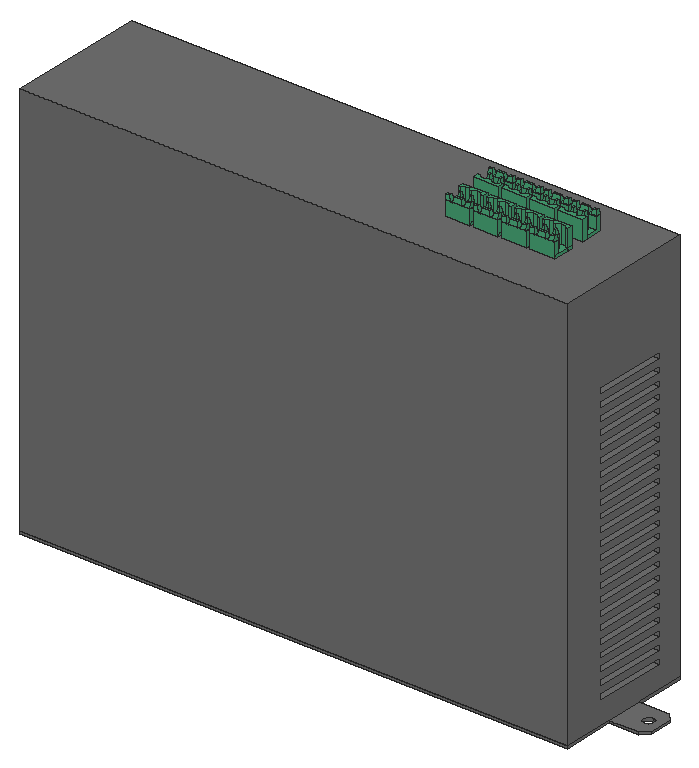
Revit family "БП24 12В 24В_RV17_LOD400 (05.10.23)", category Электрооборудование, Revit 2017 (continued)
Automatic sketch dimensions
  Blend 63 sketch curve to plane 10 "2" = 29.091 mm
  Blend 63 sketch curve to Blend 63 sketch curve = 2.035 mm
  plane 1 "По центру (Вперед/Назад)" to Blend 63 sketch curve = 6.821 mm
  Blend 63 sketch curve to Blend 63 sketch curve = 1.603 mm
  Blend 63 sketch curve to plane 10 "2" = 29.454 mm
  Blend 63 sketch curve to Blend 63 sketch curve = 1.672 mm
  plane 1 "По центру (Вперед/Назад)" to Blend 63 sketch curve = 7.207 mm
  Blend 63 sketch curve to Blend 63 sketch curve = 0.839 mm
  Blend 64 sketch curve to plane 10 "2" = 21.217 mm  (x2)
  Blend 64 sketch curve to Blend 64 sketch curve = 2.035 mm
  plane 1 "По центру (Вперед/Назад)" to Blend 64 sketch curve = 6.821 mm
  Blend 64 sketch curve to Blend 64 sketch curve = 1.603 mm
  Blend 64 sketch curve to Blend 64 sketch curve = 1.672 mm
  plane 1 "По центру (Вперед/Назад)" to Blend 64 sketch curve = 7.207 mm
  Blend 64 sketch curve to Blend 64 sketch curve = 0.839 mm
  Extrusion 65 sketch curve to plane 10 "2" = 32.383 mm
  Extrusion 65 sketch curve to Extrusion 65 sketch curve = 0.875 mm  (x2)
  Extrusion 65 sketch curve to Extrusion 65 sketch curve = 0.964 mm  (x6)
  Extrusion 65 sketch curve to Extrusion 65 sketch curve = 1.76 mm  (x2)
  Extrusion 65 sketch curve to plane 1 "По центру (Вперед/Назад)" = 7.806 mm
  Extrusion 65 sketch curve to Extrusion 65 sketch curve = 1.839 mm
  Extrusion 65 sketch curve to Extrusion 65 sketch curve = 0 mm  (x2)
  Extrusion 65 sketch curve to Extrusion 65 sketch curve = 1.982 mm
  Extrusion 66 sketch curve to plane 1 "По центру (Вперед/Назад)" = 12.821 mm
  Extrusion 66 sketch curve to plane 10 "2" = 32.383 mm
  Extrusion 66 sketch curve to Extrusion 66 sketch curve = 2.174 mm  (x2)
  Extrusion 66 sketch curve to Extrusion 66 sketch curve = 1.208 mm  (x2)
  Extrusion 66 sketch curve to Extrusion 66 sketch curve = 3.236 mm
  Extrusion 66 sketch curve to Extrusion 66 sketch curve = 1.603 mm
  Extrusion 66 sketch curve to Extrusion 66 sketch curve = 1.772 mm  (x2)
  Extrusion 66 sketch curve to Extrusion 66 sketch curve = 1.371 mm  (x2)
  Extrusion 67 sketch curve to plane 1 "По центру (Вперед/Назад)" = 14.424 mm
  Extrusion 67 sketch curve to plane 10 "2" = 32.383 mm
  Extrusion 67 sketch curve to Extrusion 67 sketch curve = 10 mm
  Extrusion 67 sketch curve to Extrusion 67 sketch curve = 8.6 mm
  Blend 68 sketch curve to plane 1 "По центру (Вперед/Назад)" = 11.049 mm
  Blend 68 sketch curve to plane 10 "2" = 34.557 mm
  Blend 68 sketch curve to Blend 68 sketch curve = 1.208 mm
  Blend 68 sketch curve to Blend 68 sketch curve = 1.371 mm
  Blend 68 sketch curve to plane 1 "По центру (Вперед/Назад)" = 10.764 mm
  Blend 68 sketch curve to plane 10 "2" = 34.789 mm
  Blend 68 sketch curve to Blend 68 sketch curve = 0.786 mm
  Blend 68 sketch curve to Blend 68 sketch curve = 0.804 mm
  Blend 69 sketch curve to plane 1 "По центру (Вперед/Назад)" = 11.049 mm
  Blend 69 sketch curve to plane 10 "2" = 39.001 mm
  Blend 69 sketch curve to Blend 69 sketch curve = 1.208 mm
  Blend 69 sketch curve to Blend 69 sketch curve = 1.371 mm
  Blend 69 sketch curve to plane 1 "По центру (Вперед/Назад)" = 10.764 mm
  Blend 69 sketch curve to plane 10 "2" = 39.233 mm
  Blend 69 sketch curve to Blend 69 sketch curve = 0.786 mm
  Blend 69 sketch curve to Blend 69 sketch curve = 0.804 mm
  Blend 70 sketch curve to plane 1 "По центру (Вперед/Назад)" = 14.424 mm
  Blend 70 sketch curve to plane 10 "2" = 35.638 mm
  Blend 70 sketch curve to Blend 70 sketch curve = 3.581 mm
  Blend 70 sketch curve to Blend 70 sketch curve = 1.603 mm
  Blend 70 sketch curve to plane 1 "По центру (Вперед/Назад)" = 14.04 mm
  Blend 70 sketch curve to plane 10 "2" = 36.069 mm
  Blend 70 sketch curve to Blend 70 sketch curve = 2.818 mm
  Blend 70 sketch curve to Blend 70 sketch curve = 0.782 mm
  Blend 71 sketch curve to plane 1 "По центру (Вперед/Назад)" = 14.424 mm
  Blend 71 sketch curve to plane 10 "2" = 40.348 mm
  Blend 71 sketch curve to Blend 71 sketch curve = 2.035 mm
  Blend 71 sketch curve to Blend 71 sketch curve = 1.603 mm
  Blend 71 sketch curve to plane 1 "По центру (Вперед/Назад)" = 14.046 mm
  Blend 71 sketch curve to plane 10 "2" = 40.711 mm
  Blend 71 sketch curve to Blend 71 sketch curve = 1.672 mm
  Blend 71 sketch curve to Blend 71 sketch curve = 0.839 mm
  Blend 72 sketch curve to plane 1 "По центру (Вперед/Назад)" = 14.424 mm
  Blend 72 sketch curve to plane 10 "2" = 34.51 mm
  Blend 72 sketch curve to Blend 72 sketch curve = 2.035 mm
  Blend 72 sketch curve to Blend 72 sketch curve = 1.603 mm
  Blend 72 sketch curve to plane 1 "По центру (Вперед/Назад)" = 14.046 mm
  Blend 72 sketch curve to plane 10 "2" = 34.146 mm
  Blend 72 sketch curve to Blend 72 sketch curve = 1.672 mm
  Blend 72 sketch curve to Blend 72 sketch curve = 0.839 mm
  Extrusion 73 sketch curve to plane 10 "2" = 32.383 mm
  Extrusion 73 sketch curve to Extrusion 73 sketch curve = 0.875 mm  (x2)
  Extrusion 73 sketch curve to Extrusion 73 sketch curve = 0.964 mm  (x7)
  Extrusion 73 sketch curve to Extrusion 73 sketch curve = 1.76 mm  (x2)
  Extrusion 73 sketch curve to Extrusion 73 sketch curve = 1.839 mm
  Extrusion 73 sketch curve to plane 1 "По центру (Вперед/Назад)" = 0.176 mm
  Extrusion 73 sketch curve to Extrusion 73 sketch curve = 1.018 mm  (x2)
  Extrusion 74 sketch curve to plane 10 "2" = 32.383 mm
  Extrusion 74 sketch curve to Extrusion 74 sketch curve = 2.174 mm  (x2)
  Extrusion 74 sketch curve to Extrusion 74 sketch curve = 1.208 mm  (x2)
  Extrusion 74 sketch curve to Extrusion 74 sketch curve = 3.236 mm
  plane 1 "По центру (Вперед/Назад)" to Extrusion 74 sketch curve = 3.678 mm
  Extrusion 74 sketch curve to Extrusion 74 sketch curve = 0 mm
  Extrusion 74 sketch curve to Extrusion 74 sketch curve = 1.371 mm  (x2)
  Extrusion 74 sketch curve to Extrusion 74 sketch curve = 1.772 mm
  Extrusion 74 sketch curve to Extrusion 74 sketch curve = 1.603 mm
  Extrusion 75 sketch curve to plane 10 "2" = 32.383 mm
  Extrusion 75 sketch curve to Extrusion 75 sketch curve = 10 mm
  Extrusion 75 sketch curve to plane 1 "По центру (Вперед/Назад)" = 0.176 mm
  Extrusion 75 sketch curve to Extrusion 75 sketch curve = 8.6 mm
  Blend 76 sketch curve to plane 10 "2" = 34.557 mm
  Blend 76 sketch curve to Blend 76 sketch curve = 1.208 mm
  plane 1 "По центру (Вперед/Назад)" to Blend 76 sketch curve = 3.678 mm
  Blend 76 sketch curve to Blend 76 sketch curve = 1.371 mm
  Blend 76 sketch curve to plane 10 "2" = 34.789 mm
  Blend 76 sketch curve to Blend 76 sketch curve = 0.786 mm
  plane 1 "По центру (Вперед/Назад)" to Blend 76 sketch curve = 3.961 mm
  Blend 76 sketch curve to Blend 76 sketch curve = 0.804 mm
  Blend 77 sketch curve to plane 10 "2" = 39.001 mm
  Blend 77 sketch curve to Blend 77 sketch curve = 1.208 mm
  plane 1 "По центру (Вперед/Назад)" to Blend 77 sketch curve = 3.678 mm
  Blend 77 sketch curve to Blend 77 sketch curve = 1.371 mm
  Blend 77 sketch curve to plane 10 "2" = 39.233 mm
  Blend 77 sketch curve to Blend 77 sketch curve = 0.786 mm
  plane 1 "По центру (Вперед/Назад)" to Blend 77 sketch curve = 3.961 mm
  Blend 77 sketch curve to Blend 77 sketch curve = 0.804 mm
  Blend 78 sketch curve to plane 10 "2" = 35.638 mm
  Blend 78 sketch curve to Blend 78 sketch curve = 3.581 mm
  plane 1 "По центру (Вперед/Назад)" to Blend 78 sketch curve = 6.821 mm
  Blend 78 sketch curve to Blend 78 sketch curve = 1.603 mm
  Blend 78 sketch curve to plane 10 "2" = 36.069 mm
  Blend 78 sketch curve to Blend 78 sketch curve = 2.818 mm
  plane 1 "По центру (Вперед/Назад)" to Blend 78 sketch curve = 7.258 mm
  Blend 78 sketch curve to Blend 78 sketch curve = 0.782 mm
  Blend 79 sketch curve to plane 10 "2" = 40.348 mm
  Blend 79 sketch curve to Blend 79 sketch curve = 2.035 mm
  plane 1 "По центру (Вперед/Назад)" to Blend 79 sketch curve = 6.821 mm
  Blend 79 sketch curve to Blend 79 sketch curve = 1.603 mm
  Blend 79 sketch curve to plane 10 "2" = 40.711 mm
  Blend 79 sketch curve to Blend 79 sketch curve = 1.672 mm
  plane 1 "По центру (Вперед/Назад)" to Blend 79 sketch curve = 7.207 mm
  Blend 79 sketch curve to Blend 79 sketch curve = 0.839 mm
  Blend 80 sketch curve to plane 10 "2" = 34.51 mm
  Blend 80 sketch curve to Blend 80 sketch curve = 2.035 mm
  plane 1 "По центру (Вперед/Назад)" to Blend 80 sketch curve = 8.424 mm
  Blend 80 sketch curve to Blend 80 sketch curve = 1.603 mm
  Blend 80 sketch curve to plane 10 "2" = 34.146 mm
  Blend 80 sketch curve to Blend 80 sketch curve = 1.672 mm
  plane 1 "По центру (Вперед/Назад)" to Blend 80 sketch curve = 8.046 mm
  Blend 80 sketch curve to Blend 80 sketch curve = 0.839 mm
  Extrusion 81 sketch curve to plane 10 "2" = 43.64 mm
  Extrusion 81 sketch curve to plane 1 "По центру (Вперед/Назад)" = 7.806 mm  (x3)
  Extrusion 81 sketch curve to Extrusion 81 sketch curve = 0.875 mm  (x2)
  Extrusion 81 sketch curve to Extrusion 81 sketch curve = 0.964 mm  (x5)
  Extrusion 81 sketch curve to Extrusion 81 sketch curve = 1.76 mm  (x2)
  Extrusion 81 sketch curve to plane 1 "По центру (Вперед/Назад)" = 6.842 mm
  Extrusion 81 sketch curve to Extrusion 81 sketch curve = 1.839 mm
  Extrusion 81 sketch curve to Extrusion 81 sketch curve = 1.982 mm
  Extrusion 82 sketch curve to plane 1 "По центру (Вперед/Назад)" = 12.821 mm
  Extrusion 82 sketch curve to plane 10 "2" = 43.64 mm
  Extrusion 82 sketch curve to Extrusion 82 sketch curve = 2.174 mm  (x2)
  Extrusion 82 sketch curve to Extrusion 82 sketch curve = 1.208 mm  (x2)
  Extrusion 82 sketch curve to Extrusion 82 sketch curve = 3.236 mm
  Extrusion 82 sketch curve to Extrusion 82 sketch curve = 1.603 mm
  Extrusion 82 sketch curve to Extrusion 82 sketch curve = 1.772 mm  (x2)
  Extrusion 82 sketch curve to Extrusion 82 sketch curve = 1.371 mm  (x2)
  Extrusion 83 sketch curve to plane 1 "По центру (Вперед/Назад)" = 14.424 mm
  Extrusion 83 sketch curve to plane 10 "2" = 43.64 mm
  Extrusion 83 sketch curve to Extrusion 83 sketch curve = 10 mm
  Extrusion 83 sketch curve to Extrusion 83 sketch curve = 8.6 mm
  Blend 84 sketch curve to plane 1 "По центру (Вперед/Назад)" = 11.049 mm
  Blend 84 sketch curve to plane 10 "2" = 45.814 mm
  Blend 84 sketch curve to Blend 84 sketch curve = 1.208 mm
  Blend 84 sketch curve to Blend 84 sketch curve = 1.371 mm
  Blend 84 sketch curve to plane 1 "По центру (Вперед/Назад)" = 10.764 mm
  Blend 84 sketch curve to plane 10 "2" = 46.046 mm
  Blend 84 sketch curve to Blend 84 sketch curve = 0.786 mm
  Blend 84 sketch curve to Blend 84 sketch curve = 0.804 mm
  Blend 85 sketch curve to plane 1 "По центру (Вперед/Назад)" = 11.049 mm
  Blend 85 sketch curve to plane 10 "2" = 50.258 mm
  Blend 85 sketch curve to Blend 85 sketch curve = 1.208 mm
  Blend 85 sketch curve to Blend 85 sketch curve = 1.371 mm
  Blend 85 sketch curve to plane 1 "По центру (Вперед/Назад)" = 10.764 mm
  Blend 85 sketch curve to plane 10 "2" = 50.49 mm
  Blend 85 sketch curve to Blend 85 sketch curve = 0.786 mm
  Blend 85 sketch curve to Blend 85 sketch curve = 0.804 mm
  Blend 86 sketch curve to plane 1 "По центру (Вперед/Назад)" = 14.424 mm
  Blend 86 sketch curve to plane 10 "2" = 46.895 mm
  Blend 86 sketch curve to Blend 86 sketch curve = 3.581 mm
  Blend 86 sketch curve to Blend 86 sketch curve = 1.603 mm
  Blend 86 sketch curve to plane 1 "По центру (Вперед/Назад)" = 14.04 mm
  Blend 86 sketch curve to plane 10 "2" = 47.326 mm
  Blend 86 sketch curve to Blend 86 sketch curve = 2.818 mm
  Blend 86 sketch curve to Blend 86 sketch curve = 0.782 mm
  Blend 87 sketch curve to plane 1 "По центру (Вперед/Назад)" = 14.424 mm
  Blend 87 sketch curve to plane 10 "2" = 51.605 mm
  Blend 87 sketch curve to Blend 87 sketch curve = 2.035 mm
  Blend 87 sketch curve to Blend 87 sketch curve = 1.603 mm
  Blend 87 sketch curve to plane 1 "По центру (Вперед/Назад)" = 14.046 mm
  Blend 87 sketch curve to plane 10 "2" = 51.968 mm
  Blend 87 sketch curve to Blend 87 sketch curve = 1.672 mm
  Blend 87 sketch curve to Blend 87 sketch curve = 0.839 mm
  Blend 88 sketch curve to plane 1 "По центру (Вперед/Назад)" = 12.821 mm
  Blend 88 sketch curve to plane 10 "2" = 43.732 mm  (x2)
  Blend 88 sketch curve to Blend 88 sketch curve = 2.035 mm
  Blend 88 sketch curve to Blend 88 sketch curve = 1.603 mm
  Blend 88 sketch curve to plane 1 "По центру (Вперед/Назад)" = 13.207 mm
  Blend 88 sketch curve to Blend 88 sketch curve = 1.672 mm
  Blend 88 sketch curve to Blend 88 sketch curve = 0.839 mm
  Extrusion 89 sketch curve to plane 10 "2" = 43.64 mm
  Extrusion 89 sketch curve to Extrusion 89 sketch curve = 0.875 mm  (x2)
  Extrusion 89 sketch curve to Extrusion 89 sketch curve = 0.964 mm  (x7)
  Extrusion 89 sketch curve to Extrusion 89 sketch curve = 1.76 mm  (x2)
  Extrusion 89 sketch curve to Extrusion 89 sketch curve = 1.839 mm
  Extrusion 89 sketch curve to plane 1 "По центру (Вперед/Назад)" = 0.176 mm
  Extrusion 89 sketch curve to Extrusion 89 sketch curve = 1.018 mm  (x2)
  Extrusion 90 sketch curve to plane 10 "2" = 43.64 mm
  Extrusion 90 sketch curve to Extrusion 90 sketch curve = 2.174 mm  (x2)
  Extrusion 90 sketch curve to Extrusion 90 sketch curve = 1.208 mm  (x2)
  Extrusion 90 sketch curve to Extrusion 90 sketch curve = 3.236 mm
  plane 1 "По центру (Вперед/Назад)" to Extrusion 90 sketch curve = 3.678 mm
  Extrusion 90 sketch curve to Extrusion 90 sketch curve = 0 mm
  Extrusion 90 sketch curve to Extrusion 90 sketch curve = 1.371 mm  (x2)
  Extrusion 90 sketch curve to Extrusion 90 sketch curve = 1.772 mm
  Extrusion 90 sketch curve to Extrusion 90 sketch curve = 1.603 mm
  Extrusion 91 sketch curve to plane 10 "2" = 43.64 mm
  Extrusion 91 sketch curve to Extrusion 91 sketch curve = 10 mm
  Extrusion 91 sketch curve to plane 1 "По центру (Вперед/Назад)" = 0.176 mm
  Extrusion 91 sketch curve to Extrusion 91 sketch curve = 8.6 mm
  Blend 92 sketch curve to plane 10 "2" = 45.814 mm
  Blend 92 sketch curve to Blend 92 sketch curve = 1.208 mm
  plane 1 "По центру (Вперед/Назад)" to Blend 92 sketch curve = 3.678 mm
  Blend 92 sketch curve to Blend 92 sketch curve = 1.371 mm
  Blend 92 sketch curve to plane 10 "2" = 46.046 mm
  Blend 92 sketch curve to Blend 92 sketch curve = 0.786 mm
  plane 1 "По центру (Вперед/Назад)" to Blend 92 sketch curve = 3.961 mm
  Blend 92 sketch curve to Blend 92 sketch curve = 0.804 mm
  Blend 93 sketch curve to plane 10 "2" = 50.258 mm
  Blend 93 sketch curve to Blend 93 sketch curve = 1.208 mm
  plane 1 "По центру (Вперед/Назад)" to Blend 93 sketch curve = 3.678 mm
  Blend 93 sketch curve to Blend 93 sketch curve = 1.371 mm
  Blend 93 sketch curve to plane 10 "2" = 50.49 mm
  Blend 93 sketch curve to Blend 93 sketch curve = 0.786 mm
  plane 1 "По центру (Вперед/Назад)" to Blend 93 sketch curve = 3.961 mm
  Blend 93 sketch curve to Blend 93 sketch curve = 0.804 mm
  Blend 94 sketch curve to plane 10 "2" = 46.895 mm
  Blend 94 sketch curve to Blend 94 sketch curve = 3.581 mm
  plane 1 "По центру (Вперед/Назад)" to Blend 94 sketch curve = 6.821 mm
  Blend 94 sketch curve to Blend 94 sketch curve = 1.603 mm
  Blend 94 sketch curve to plane 10 "2" = 47.326 mm
  Blend 94 sketch curve to Blend 94 sketch curve = 2.818 mm
  plane 1 "По центру (Вперед/Назад)" to Blend 94 sketch curve = 7.258 mm
  Blend 94 sketch curve to Blend 94 sketch curve = 0.782 mm
  Blend 95 sketch curve to plane 10 "2" = 51.605 mm
  Blend 95 sketch curve to Blend 95 sketch curve = 2.035 mm
  plane 1 "По центру (Вперед/Назад)" to Blend 95 sketch curve = 6.821 mm
  Blend 95 sketch curve to Blend 95 sketch curve = 1.603 mm
  Blend 95 sketch curve to plane 10 "2" = 51.968 mm
  Blend 95 sketch curve to Blend 95 sketch curve = 1.672 mm
  plane 1 "По центру (Вперед/Назад)" to Blend 95 sketch curve = 7.207 mm
  Blend 95 sketch curve to Blend 95 sketch curve = 0.839 mm
  Blend 96 sketch curve to plane 10 "2" = 43.732 mm  (x2)
  Blend 96 sketch curve to Blend 96 sketch curve = 2.035 mm
  plane 1 "По центру (Вперед/Назад)" to Blend 96 sketch curve = 6.821 mm
  Blend 96 sketch curve to Blend 96 sketch curve = 1.603 mm
  Blend 96 sketch curve to Blend 96 sketch curve = 1.672 mm
  plane 1 "По центру (Вперед/Назад)" to Blend 96 sketch curve = 7.207 mm
  Blend 96 sketch curve to Blend 96 sketch curve = 0.839 mm
  Extrusion 97 sketch curve to plane 1 "По центру (Вперед/Назад)" = 5.824 mm
  Extrusion 97 sketch curve to plane 10 "2" = 54.897 mm
  Extrusion 97 sketch curve to plane 1 "По центру (Вперед/Назад)" = 7.806 mm  (x3)
  Extrusion 97 sketch curve to Extrusion 97 sketch curve = 0.875 mm  (x2)
  Extrusion 97 sketch curve to Extrusion 97 sketch curve = 0.964 mm  (x5)
  Extrusion 97 sketch curve to Extrusion 97 sketch curve = 1.76 mm  (x2)
  Extrusion 97 sketch curve to plane 1 "По центру (Вперед/Назад)" = 6.842 mm
  Extrusion 97 sketch curve to Extrusion 97 sketch curve = 1.839 mm
  Extrusion 98 sketch curve to plane 1 "По центру (Вперед/Назад)" = 12.821 mm
  Extrusion 98 sketch curve to plane 10 "2" = 54.897 mm
  Extrusion 98 sketch curve to Extrusion 98 sketch curve = 2.174 mm  (x2)
  Extrusion 98 sketch curve to Extrusion 98 sketch curve = 1.208 mm  (x2)
  Extrusion 98 sketch curve to Extrusion 98 sketch curve = 3.236 mm
  Extrusion 98 sketch curve to Extrusion 98 sketch curve = 1.603 mm
  Extrusion 98 sketch curve to Extrusion 98 sketch curve = 1.772 mm  (x2)
  Extrusion 98 sketch curve to Extrusion 98 sketch curve = 1.371 mm  (x2)
  Extrusion 99 sketch curve to plane 1 "По центру (Вперед/Назад)" = 14.424 mm
  Extrusion 99 sketch curve to plane 10 "2" = 54.897 mm
  Extrusion 99 sketch curve to Extrusion 99 sketch curve = 10 mm
  Extrusion 99 sketch curve to Extrusion 99 sketch curve = 8.6 mm
  Blend 100 sketch curve to plane 1 "По центру (Вперед/Назад)" = 11.049 mm
  plane 3 "По центру (Влево/Вправо)" to Blend 100 sketch curve = 52.929 mm
  Blend 100 sketch curve to Blend 100 sketch curve = 1.208 mm
  Blend 100 sketch curve to Blend 100 sketch curve = 1.371 mm
  Blend 100 sketch curve to plane 1 "По центру (Вперед/Назад)" = 10.764 mm
  plane 3 "По центру (Влево/Вправо)" to Blend 100 sketch curve = 52.697 mm
  Blend 100 sketch curve to Blend 100 sketch curve = 0.786 mm
  Blend 100 sketch curve to Blend 100 sketch curve = 0.804 mm
  Blend 101 sketch curve to plane 1 "По центру (Вперед/Назад)" = 11.049 mm
  plane 3 "По центру (Влево/Вправо)" to Blend 101 sketch curve = 48.485 mm
  Blend 101 sketch curve to Blend 101 sketch curve = 1.208 mm
  Blend 101 sketch curve to Blend 101 sketch curve = 1.371 mm
  Blend 101 sketch curve to plane 1 "По центру (Вперед/Назад)" = 10.764 mm
  plane 3 "По центру (Влево/Вправо)" to Blend 101 sketch curve = 48.253 mm
  Blend 101 sketch curve to Blend 101 sketch curve = 0.786 mm
  Blend 101 sketch curve to Blend 101 sketch curve = 0.804 mm
  Blend 102 sketch curve to plane 1 "По центру (Вперед/Назад)" = 14.424 mm
  plane 3 "По центру (Влево/Вправо)" to Blend 102 sketch curve = 51.848 mm
  Blend 102 sketch curve to Blend 102 sketch curve = 3.581 mm
  Blend 102 sketch curve to Blend 102 sketch curve = 1.603 mm
  Blend 102 sketch curve to plane 1 "По центру (Вперед/Назад)" = 14.04 mm
  plane 3 "По центру (Влево/Вправо)" to Blend 102 sketch curve = 51.416 mm
  Blend 102 sketch curve to Blend 102 sketch curve = 2.818 mm
  Blend 102 sketch curve to Blend 102 sketch curve = 0.782 mm
  Blend 103 sketch curve to plane 1 "По центру (Вперед/Назад)" = 14.424 mm
  plane 3 "По центру (Влево/Вправо)" to Blend 103 sketch curve = 47.138 mm
  Blend 103 sketch curve to Blend 103 sketch curve = 2.035 mm
  Blend 103 sketch curve to Blend 103 sketch curve = 1.603 mm
  Blend 103 sketch curve to plane 1 "По центру (Вперед/Назад)" = 14.046 mm
  plane 3 "По центру (Влево/Вправо)" to Blend 103 sketch curve = 46.774 mm
  Blend 103 sketch curve to Blend 103 sketch curve = 1.672 mm
  Blend 103 sketch curve to Blend 103 sketch curve = 0.839 mm
  Blend 104 sketch curve to plane 1 "По центру (Вперед/Назад)" = 12.821 mm
  Blend 104 sketch curve to plane 10 "2" = 54.989 mm  (x2)
  Blend 104 sketch curve to Blend 104 sketch curve = 2.035 mm
  Blend 104 sketch curve to Blend 104 sketch curve = 1.603 mm
  Blend 104 sketch curve to plane 1 "По центру (Вперед/Назад)" = 13.207 mm
  Blend 104 sketch curve to Blend 104 sketch curve = 1.672 mm
  Blend 104 sketch curve to Blend 104 sketch curve = 0.839 mm
  Extrusion 105 sketch curve to plane 10 "2" = 54.897 mm
  Extrusion 105 sketch curve to Extrusion 105 sketch curve = 0.875 mm  (x2)
  Extrusion 105 sketch curve to Extrusion 105 sketch curve = 0.964 mm  (x7)
  Extrusion 105 sketch curve to Extrusion 105 sketch curve = 1.76 mm  (x2)
  Extrusion 105 sketch curve to Extrusion 105 sketch curve = 1.839 mm
  Extrusion 105 sketch curve to plane 1 "По центру (Вперед/Назад)" = 0.176 mm
  Extrusion 105 sketch curve to Extrusion 105 sketch curve = 1.018 mm  (x2)
  Extrusion 106 sketch curve to plane 10 "2" = 54.897 mm
  Extrusion 106 sketch curve to Extrusion 106 sketch curve = 2.174 mm  (x2)
  Extrusion 106 sketch curve to Extrusion 106 sketch curve = 1.208 mm  (x2)
  Extrusion 106 sketch curve to Extrusion 106 sketch curve = 3.236 mm
  plane 1 "По центру (Вперед/Назад)" to Extrusion 106 sketch curve = 3.678 mm
  Extrusion 106 sketch curve to Extrusion 106 sketch curve = 0 mm
  Extrusion 106 sketch curve to Extrusion 106 sketch curve = 1.371 mm  (x2)
  Extrusion 106 sketch curve to Extrusion 106 sketch curve = 1.772 mm
  Extrusion 106 sketch curve to Extrusion 106 sketch curve = 1.603 mm
  Extrusion 107 sketch curve to plane 10 "2" = 54.897 mm
  Extrusion 107 sketch curve to Extrusion 107 sketch curve = 10 mm
  Extrusion 107 sketch curve to plane 1 "По центру (Вперед/Назад)" = 0.176 mm
  Extrusion 107 sketch curve to Extrusion 107 sketch curve = 8.6 mm
  plane 3 "По центру (Влево/Вправо)" to Blend 108 sketch curve = 52.929 mm
  Blend 108 sketch curve to Blend 108 sketch curve = 1.208 mm
  plane 1 "По центру (Вперед/Назад)" to Blend 108 sketch curve = 3.678 mm
  Blend 108 sketch curve to Blend 108 sketch curve = 1.371 mm
  plane 3 "По центру (Влево/Вправо)" to Blend 108 sketch curve = 52.697 mm
  Blend 108 sketch curve to Blend 108 sketch curve = 0.786 mm
  plane 1 "По центру (Вперед/Назад)" to Blend 108 sketch curve = 3.961 mm
  Blend 108 sketch curve to Blend 108 sketch curve = 0.804 mm
  plane 3 "По центру (Влево/Вправо)" to Blend 109 sketch curve = 48.485 mm
  Blend 109 sketch curve to Blend 109 sketch curve = 1.208 mm
  plane 1 "По центру (Вперед/Назад)" to Blend 109 sketch curve = 3.678 mm
  Blend 109 sketch curve to Blend 109 sketch curve = 1.371 mm
  plane 3 "По центру (Влево/Вправо)" to Blend 109 sketch curve = 48.253 mm
  Blend 109 sketch curve to Blend 109 sketch curve = 0.786 mm
  plane 1 "По центру (Вперед/Назад)" to Blend 109 sketch curve = 3.961 mm
  Blend 109 sketch curve to Blend 109 sketch curve = 0.804 mm
  plane 3 "По центру (Влево/Вправо)" to Blend 110 sketch curve = 51.848 mm
  Blend 110 sketch curve to Blend 110 sketch curve = 3.581 mm
  plane 1 "По центру (Вперед/Назад)" to Blend 110 sketch curve = 6.821 mm
  Blend 110 sketch curve to Blend 110 sketch curve = 1.603 mm
  plane 3 "По центру (Влево/Вправо)" to Blend 110 sketch curve = 51.416 mm
  Blend 110 sketch curve to Blend 110 sketch curve = 2.818 mm
  plane 1 "По центру (Вперед/Назад)" to Blend 110 sketch curve = 7.258 mm
  Blend 110 sketch curve to Blend 110 sketch curve = 0.782 mm
  plane 3 "По центру (Влево/Вправо)" to Blend 111 sketch curve = 47.138 mm
  Blend 111 sketch curve to Blend 111 sketch curve = 2.035 mm
  plane 1 "По центру (Вперед/Назад)" to Blend 111 sketch curve = 6.821 mm
  Blend 111 sketch curve to Blend 111 sketch curve = 1.603 mm
  plane 3 "По центру (Влево/Вправо)" to Blend 111 sketch curve = 46.774 mm
  Blend 111 sketch curve to Blend 111 sketch curve = 1.672 mm
  plane 1 "По центру (Вперед/Назад)" to Blend 111 sketch curve = 7.207 mm
  Blend 111 sketch curve to Blend 111 sketch curve = 0.839 mm
  Blend 112 sketch curve to plane 10 "2" = 54.989 mm  (x2)
  Blend 112 sketch curve to Blend 112 sketch curve = 2.035 mm
  plane 1 "По центру (Вперед/Назад)" to Blend 112 sketch curve = 6.821 mm
  Blend 112 sketch curve to Blend 112 sketch curve = 1.603 mm
  Blend 112 sketch curve to Blend 112 sketch curve = 1.672 mm
  plane 1 "По центру (Вперед/Назад)" to Blend 112 sketch curve = 7.207 mm
  Blend 112 sketch curve to Blend 112 sketch curve = 0.839 mm
  radius of Extrusion 1 sketch curve = 2.068 mm  (x2)
Connectors
  electrical at (110, 0, 80.5)
    settings: on cut or joined group 1 (Extrusion 2, Extrusion 3, Extrusion 4, Extrusion 5, Extrusion 6, Extrusion 7, Extrusion 8, Extrusion 9, Extrusion 10, Extrusion 11, Extrusion 12, Extrusion 13, Extrusion 14, Extrusion 15, Extrusion 16, Extrusion 17, Extrusion 18, Extrusion 19, Extrusion 20, Extrusion 21, Extrusion 22, Extrusion 23, Extrusion 24, Extrusion 25, Extrusion 26, Extrusion 27, Extrusion 28, Extrusion 29, Extrusion 30, Extrusion 31, Extrusion 32, Extrusion 33, Extrusion 34, Extrusion 35, Extrusion 36, Extrusion 37, Extrusion 38, Extrusion 39, Extrusion 40, Extrusion 41, Extrusion 42, Extrusion 43, Extrusion 44, Extrusion 45, Extrusion 46, Extrusion 47, Extrusion 48), index 1, voltage 0 V, apparent load 0 VA, apparent load phase1 0 VA, apparent load phase2 0 VA, apparent load phase3 0 VA, power factor 1, load classification "Прочее", number of poles 1, system type 14, power factor state 1, is connector primary yes, connector utility no, sub classification motor no, connector description ""
  cabletrayconduit at (110, 0, 80.5), diameter 20, driven by "d_короба"
    settings: on cut or joined group 1, index 2, connector width 300 mm, connector height 300 mm, connector angle 0.00°, system type 32, placement type 0, profile type 0, connector reference index -1, is primary connector yes, connector utility param no, connector description ""
